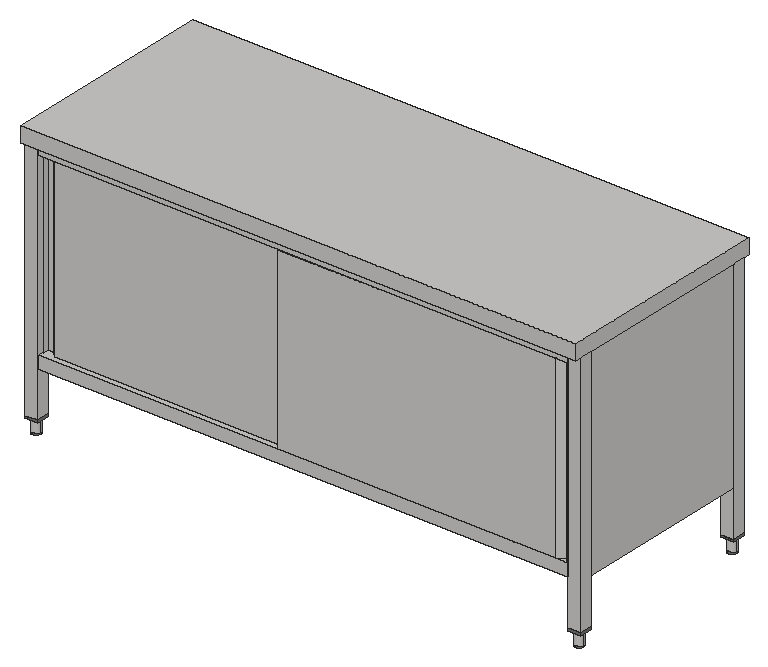
Revit family "QF_ELECTROLUXPROFESSIONAL_134043_GTND1800E", category Attrezzature speciali, Revit 2020
Family settings
  Quota connettore circolare = Usa diametro
  Tipo di parte = Normale
  Basato su piano di lavoro = No
  Sempre verticale = Sì
  Taglio con vuoti quando caricato = No
  Condiviso = No
  Punto di calcolo locali = No
Parameters (values of type "Standard")
  Weight = 100.00 kg
  Watts = 0 W
  Volts = 0 V
  URL Manufacturer = "https://www.electroluxprofessional.com/"
  URL = "https://www.electroluxprofessional.com/"
  Steam Supply Size = 0 mm
  Steam Supply Minimum Pressure = 0.0 Pa
  Steam Supply Maximum Pressure = 0.0 Pa
  Steam Consumption per Hour = 0
  Refrigeration Suction Line Size = 0.0 mm
  Refrigeration Liquid Line Size = 0.0 mm
  Refrigerant Compressor Remote = yes
  Prospetto di default = 0.0 mm
  Phase = 0
  Modello = "GTND1800E"
  Produttore = "Electrolux Professional"
  Length Actual = 1800.0 mm  # constant formula
  Item Number = "134043"
  Hot Water Size = 0 mm
  Height Actual = 900.0 mm  # constant formula
  HP = "0 HP"
  Gas Size = 0 mm
  Gas KW = 0
  Gas Input Pressure = 0 W
  Direct Waste Size = 0 mm
  Descrizione = "PASSTHRU WORKTOP CUPBOARD 1800 MM"
  Depth Actual = 700.0 mm  # constant formula
  Cycle = 0 Hz
  Condensate Return Size = 0 mm
  Compressed Air Volume = 0.0 L/s
  Compressed Air Size = 0 mm
  Compressed Air Pressure = 0.0 Pa
  Cold Water Size = 0 mm
  Accessory = yes
Reference planes
  plane 1 "Center (Front/Back)": y = 0
  plane 2: z = 0
  plane 3 "Center (Left/Right)": x = -400
  plane 4 "LEFT": x = -1300
  plane 5 "RIGHT": x = 500
  plane 6 "BACK": y = 350
  plane 7 "FRONT": y = -350
  plane 8 "Base": z = 850
  plane 9 "TOP": z = 900
  plane 10: x = -1280
  plane 11: x = 480
  plane 12: y = 310
  plane 13: y = -310
  plane 14 "BodyLeft": x = -1300
  plane 15 "BodyFront": y = -330
  plane 16 "BodyRight": x = 500
  plane 17 "BodyBack": y = 330
  plane 18 "FEET": z = 200
  plane 19: x = -320
  plane 20: x = -480
Forms (mm)
  Extrusion 1, solid, material "QF_Finishes_Stainless Steel"
    sketch origin (-400, 0, 0) x (0, 1, 0) y (0, 0, 1)
      loop
        line (-350, 850) -> (350, 850) -> (350, 900) -> (-350, 900) -> (-350, 850)
    from 900 to -900
  Extrusion 2, solid, material "QF_Finishes_Stainless Steel"
    sketch origin (0, 0, 200) x (-1, 0, 0) y (0, -1, 0)
      loop
        line (1300, -290) -> (1300, 290) -> (1260, 290) -> (1260, -290) -> (1300, -290)
      loop
        line (-460, -290) -> (-460, 290) -> (-500, 290) -> (-500, -290) -> (-460, -290)
    from 0 to 650
  Extrusion 3, solid, material "QF_Finishes_Stainless Steel"
    sketch origin (0, 0, 200) x (-1, 0, 0) y (0, -1, 0)
      loop
        line (1260, -330) -> (1260, 330) -> (-460, 330) -> (-460, -330) -> (1260, -330)
    from 0 to 40
  Extrusion 4, solid, material "QF_Finishes_Stainless Steel"
    sketch origin (0, 0, 200) x (-1, 0, 0) y (0, -1, 0)
      loop
        line (-460, 330) -> (-460, 310) -> (480, 310) -> (480, 330) -> (-420, 330) -> (-440, 315) -> (-455, 315) -> (-455, 330) -> (-460, 330)
    from 40 to 620
  Extrusion 5, solid, material "QF_Finishes_Stainless Steel"
    sketch origin (0, 20, 200) x (1, 0, 0) y (0, 1, 0)
      loop
        line (-1260, -330) -> (-1255, -330) -> (-1255, -315) -> (-1240, -315) -> (-1220, -330) -> (-320, -330) -> (-320, -310) -> (-1260, -310) -> (-1260, -330)
    from 40 to 620
  Extrusion 6, solid, material "QF_Finishes_Stainless Steel"
    sketch origin (0, 0, 200) x (-1, 0, 0) y (0, -1, 0)
      loop
        line (1260, 290) -> (-460, 290) -> (-460, -290) -> (1260, -290) -> (1260, 290)
    from 350 to 390
  Extrusion 7, solid, material "QF_Finishes_Stainless Steel"
    sketch origin (0, 0, 200) x (-1, 0, 0) y (0, -1, 0)
      loop
        line (-460, -330) -> (-455, -330) -> (-455, -315) -> (-440, -315) -> (-420, -330) -> (480, -330) -> (480, -310) -> (-460, -310) -> (-460, -330)
    from 40 to 620
  Extrusion 8, solid, material "QF_Finishes_Stainless Steel"
    sketch origin (0, -20, 200) x (1, 0, 0) y (0, 1, 0)
      loop
        line (-1260, 330) -> (-1260, 310) -> (-320, 310) -> (-320, 330) -> (-1220, 330) -> (-1240, 315) -> (-1255, 315) -> (-1255, 330) -> (-1260, 330)
    from 40 to 620
  Extrusion 9, solid, material "QF_Finishes_Stainless Steel"
    sketch origin (0, 0, 200) x (-1, 0, 0) y (0, -1, 0)
      loop
        line (1260, -330) -> (1260, 330) -> (-460, 330) -> (-460, -330) -> (1260, -330)
    from 620 to 650
Lines and regions (mm)
  symbolic lines
    curve 1: line (500, 350, 900) -> (-1300, 350, 900)
    curve 2: line (-1300, 350, 900) -> (-1300, -350, 900)
    curve 3: line (-1300, -350, 900) -> (500, -350, 900)
    curve 4: line (500, -350, 900) -> (500, 350, 900)
  symbolic lines, style "SpecialityEquipmentHiddenLines"
    curve 5: line (-1300, 330, 200) -> (500, 330, 200)
    curve 6: line (-1300, -330, 200) -> (-1300, 330, 200)
    curve 7: line (500, -330, 200) -> (-1300, -330, 200)
    curve 8: line (500, 330, 200) -> (500, -330, 200)
    curve 9: line (-1260, -290, 200) -> (-320, -290, 200)
    curve 10: line (-320, -290, 200) -> (-320, -310, 200)
    curve 11: line (-1260, -310, 200) -> (460, -310, 200)
    curve 12: line (460, -310, 200) -> (460, -330, 200)
    curve 13: line (-480, -310, 200) -> (-480, -330, 200)
    curve 14: line (-1260, -290, 200) -> (-1260, -310, 200)
    curve 15: line (-320, 290, 200) -> (-320, 310, 200)
    curve 16: line (-480, 330, 200) -> (-480, 310, 200)
    curve 17: line (460, 310, 200) -> (-1260, 310, 200)
    curve 18: line (-320, 290, 200) -> (-1260, 290, 200)
    curve 19: line (-1260, 290, 200) -> (-1260, 310, 200)
    curve 20: line (460, 310, 200) -> (460, 330, 200)
Dimensions and locks
  plane 4 "LEFT" to plane 5 "RIGHT" = 1800.0 mm
  equal spacing: plane 4 "LEFT", plane 3 "Center (Left/Right)", plane 5 "RIGHT"
  locked: plane 8 "Base" to level at 850
  plane 9 "TOP" to level = 900.0 mm
  plane 6 "BACK" to plane 7 "FRONT" = 700.0 mm
  equal spacing: plane 6 "BACK", plane 1 "Center (Front/Back)", plane 7 "FRONT"
  locked: plane 4 "LEFT" to plane 14 "BodyLeft"
  locked: plane 16 "BodyRight" to plane 5 "RIGHT"
  locked: plane 15 "BodyFront" to plane 7 "FRONT" at 20
  locked: plane 6 "BACK" to plane 17 "BodyBack" at 20
  locked: plane 14 "BodyLeft" to plane 10 at 20
  locked: plane 11 to plane 16 "BodyRight" at 20
  locked: plane 13 to plane 15 "BodyFront" at 20
  locked: plane 17 "BodyBack" to plane 12 at 20
  plane 10 to plane 11 = 1760.0 mm
  plane 12 to plane 13 = 620.0 mm
  locked: plane 14 "BodyLeft" to Extrusion 2 sketch curve at 40
  Extrusion 2 sketch curve to Extrusion 2 sketch curve = 40.0 mm
  locked: plane 3 "Center (Left/Right)" to plane 19 at 80
  locked: plane 20 to plane 3 "Center (Left/Right)" at 80
  locked: plane 18 "FEET" to plane 2 at 200
  Extrusion 9 to Extrusion 3 to plane 18 "FEET" = 580.0 mm, 40.0 mm
  aligned and locked: level to plane 2
  aligned and locked: plane 10 to nested 1
  aligned and locked: nested 1 to plane 13
  aligned and locked: plane 11 to nested 2
  aligned and locked: nested 2 to plane 13
  aligned and locked: plane 11 to nested 4
  aligned and locked: nested 4 to plane 12
  aligned and locked: plane 10 to nested 3
  aligned and locked: nested 3 to plane 12
  aligned and locked: Extrusion 1 to plane 4 "LEFT"
  aligned and locked: plane 5 "RIGHT" to Extrusion 1
  aligned and locked: curve 2 to plane 4 "LEFT"
  aligned and locked: Extrusion 2 sketch curve to plane 14 "BodyLeft"
  aligned and locked: plane 16 "BodyRight" to Extrusion 2 sketch curve
  aligned and locked: plane 8 "Base" to Extrusion 2
  aligned and locked: Extrusion 4 to Extrusion 3
  aligned and locked: Extrusion 5 sketch curve to plane 19
  aligned and locked: Extrusion 4 sketch curve to plane 20
  aligned and locked: Extrusion 1 to plane 8 "Base"
  aligned and locked: plane 9 "TOP" to Extrusion 1
  aligned and locked: curve 5 to plane 17 "BodyBack"
  aligned and locked: plane 14 "BodyLeft" to curve 6
  aligned and locked: plane 15 "BodyFront" to curve 7
  aligned and locked: plane 16 "BodyRight" to curve 8
  aligned and locked: Extrusion 3 sketch curve to Extrusion 2  (x2)
  aligned and locked: curve 7 to Extrusion 3 sketch curve
Automatic sketch dimensions
  curve 3 to plane 5 "RIGHT" = 0.0 mm
  curve 3 to plane 7 "FRONT" = 0.0 mm
  curve 2 to plane 6 "BACK" = 0.0 mm
  Extrusion 1 sketch curve to plane 7 "FRONT" = 0.0 mm
  Extrusion 1 sketch curve to plane 6 "BACK" = 0.0 mm
  Extrusion 1 sketch curve to plane 8 "Base" = 0.0 mm
  Extrusion 1 sketch curve to plane 9 "TOP" = 0.0 mm
  Extrusion 2 sketch curve to plane 12 = 20.0 mm  (x2)
  plane 13 to Extrusion 2 sketch curve = 20.0 mm  (x2)
  Extrusion 3 sketch curve to plane 17 "BodyBack" = 0.0 mm
  Extrusion 4 sketch curve to plane 15 "BodyFront" = 0.0 mm  (x2)
  Extrusion 4 sketch curve to plane 13 = 0.0 mm
  Extrusion 4 sketch curve to plane 11 = 60.0 mm
  Extrusion 4 sketch curve to plane 13 = 5.0 mm
  Extrusion 4 sketch curve to Extrusion 4 sketch curve = 20.0 mm
  Extrusion 4 sketch curve to Extrusion 4 sketch curve = 15.0 mm
  Extrusion 4 sketch curve to Extrusion 4 sketch curve = 5.0 mm
  Extrusion 5 sketch curve to plane 13 = 0.0 mm  (x2)
  Extrusion 5 sketch curve to plane 10 = 60.0 mm
  Extrusion 5 sketch curve to plane 13 = 15.0 mm
  Extrusion 5 sketch curve to Extrusion 5 sketch curve = 20.0 mm  (x2)
  Extrusion 5 sketch curve to Extrusion 5 sketch curve = 15.0 mm
  Extrusion 5 sketch curve to Extrusion 5 sketch curve = 5.0 mm
  curve 17 to plane 12 = 0.0 mm
  curve 11 to plane 13 = 0.0 mm
  curve 10 to plane 19 = 0.0 mm
  curve 15 to plane 19 = 0.0 mm
  curve 13 to plane 20 = 0.0 mm
  curve 16 to plane 20 = 0.0 mm
  curve 17 to plane 11 = 20.0 mm
  curve 11 to plane 11 = 20.0 mm
  plane 10 to curve 14 = 20.0 mm
  plane 10 to curve 19 = 20.0 mm
  curve 17 to curve 18 = 20.0 mm
  plane 13 to curve 9 = 20.0 mm
  Extrusion 6 sketch curve to plane 11 = 20.0 mm
  plane 10 to Extrusion 6 sketch curve = 20.0 mm
  Extrusion 6 sketch curve to plane 12 = 20.0 mm
  plane 13 to Extrusion 6 sketch curve = 20.0 mm
  Extrusion 7 sketch curve to plane 17 "BodyBack" = 0.0 mm  (x2)
  Extrusion 7 sketch curve to plane 12 = 0.0 mm
  Extrusion 7 sketch curve to plane 20 = 0.0 mm
  plane 11 to Extrusion 7 sketch curve = 60.0 mm
  Extrusion 7 sketch curve to plane 12 = 5.0 mm
  Extrusion 7 sketch curve to Extrusion 7 sketch curve = 20.0 mm
  Extrusion 7 sketch curve to Extrusion 7 sketch curve = 15.0 mm
  Extrusion 7 sketch curve to Extrusion 7 sketch curve = 5.0 mm
  Extrusion 8 sketch curve to plane 12 = 0.0 mm  (x2)
  Extrusion 8 sketch curve to plane 19 = 0.0 mm
  plane 10 to Extrusion 8 sketch curve = 60.0 mm
  Extrusion 8 sketch curve to plane 12 = 15.0 mm
  Extrusion 8 sketch curve to Extrusion 8 sketch curve = 20.0 mm  (x2)
  Extrusion 8 sketch curve to Extrusion 8 sketch curve = 15.0 mm
  Extrusion 8 sketch curve to Extrusion 8 sketch curve = 5.0 mm
  Extrusion 9 sketch curve to plane 17 "BodyBack" = 0.0 mm
  Extrusion 9 sketch curve to plane 15 "BodyFront" = 0.0 mm
  Extrusion 9 sketch curve to plane 11 = 20.0 mm
  plane 10 to Extrusion 9 sketch curve = 20.0 mm
Nested families
  nested 1: "FEET_40x40_APP50" at (-1280, -310, 0), type "FEET_40x40_APP50"
  nested 2: "FEET_40x40_APP50" at (480, -310, 0), type "FEET_40x40_APP50"
  nested 3: "FEET_40x40_APP50" at (-1280, 310, 0), type "FEET_40x40_APP50"
  nested 4: "FEET_40x40_APP50" at (480, 310, 0), type "FEET_40x40_APP50"
Definition of nested family "FEET_40x40_APP50"
  Parameters
    Default Elevation = 0.0 mm
    FEET = 850.0 mm
  Reference planes
    plane 1 "Center (Front/Back)": y = 0
    plane 2: z = 0
    plane 3 "Center (Left/Right)": x = 0
    plane 4: z = 850
  Forms (mm)
    Extrusion 1, solid
      sketch origin (0, 0, 0) x (1, 0, 0) y (0, 1, 0)
        loop
          line (-20, -20) -> (20, -20) -> (20, 20) -> (-20, 20) -> (-20, -20)
      from 50 to 850
    Extrusion 2, solid
      sketch origin (0, 0, 0) x (1, 0, 0) y (0, 1, 0)
        loop
          circle (0, 0) r 15
      from 0 to 5
    Extrusion 3, solid
      sketch origin (0, 0, 0) x (1, 0, 0) y (0, 1, 0)
        loop
          line (-20, -20) -> (20, -20) -> (20, 20) -> (-20, 20) -> (-20, -20)
      from 50 to 42
    Extrusion 4, solid
      sketch origin (0, 0, 0) x (1, 0, 0) y (0, 1, 0)
        loop
          circle (0, 0) r 15
      from 5 to 42
  Lines and regions (mm)
    symbolic lines
      curve 1: line (0, -1.503, 0) -> (0, 1.508, 0)
      curve 2: line (1.561, 0, 0) -> (-1.439, 0, 0)
  Dimensions and locks
    "FEET": plane 4 to plane 2
    aligned and locked: level to plane 2
  Automatic sketch dimensions
    plane 1 "Center (Front/Back)" to curve 2 = 0.0 mm
    curve 1 to plane 3 "Center (Left/Right)" = 0.0 mm
    curve 2 to plane 3 "Center (Left/Right)" = 1.439 mm
    plane 3 "Center (Left/Right)" to curve 2 = 1.561 mm
    plane 1 "Center (Front/Back)" to curve 1 = 1.503 mm
    curve 1 to plane 1 "Center (Front/Back)" = 1.508 mm
    Extrusion 1 sketch curve to plane 3 "Center (Left/Right)" = 20.0 mm
    plane 3 "Center (Left/Right)" to Extrusion 1 sketch curve = 20.0 mm
    plane 1 "Center (Front/Back)" to Extrusion 1 sketch curve = 20.0 mm
    Extrusion 1 sketch curve to plane 1 "Center (Front/Back)" = 20.0 mm
    plane 1 "Center (Front/Back)" to Extrusion 2 sketch curve = 0.0 mm
    Extrusion 2 sketch curve to plane 3 "Center (Left/Right)" = 0.0 mm
    Extrusion 3 sketch curve to plane 3 "Center (Left/Right)" = 20.0 mm
    plane 3 "Center (Left/Right)" to Extrusion 3 sketch curve = 20.0 mm
    plane 1 "Center (Front/Back)" to Extrusion 3 sketch curve = 20.0 mm
    Extrusion 3 sketch curve to plane 1 "Center (Front/Back)" = 20.0 mm
    plane 1 "Center (Front/Back)" to Extrusion 4 sketch curve = 0.0 mm
    Extrusion 4 sketch curve to plane 3 "Center (Left/Right)" = 0.0 mm
    radius of Extrusion 2 sketch curve = 15.0 mm
    radius of Extrusion 4 sketch curve = 15.0 mm
